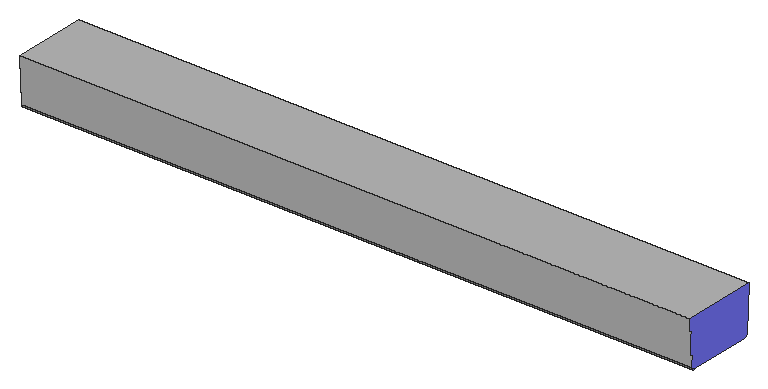
Revit family "4 inch PS Lintel -100W x 65H-mm", category Generic Models, Revit 2020
Family settings
  Can host rebar = No
  Round Connector Dimension = Use Diameter
  Part Type = Normal
  Work Plane-Based = No
  Always vertical = Yes
  Cut with Voids When Loaded = No
  Shared = No
  Room Calculation Point = No
Parameters
  Weight = "16Kg/m"
  Warranty Guarantor Parts = "n/a"
  Warranty Guarantor Labour = "n/a"
  Warranty Duration Unit = "n/a"
  Warranty Duration Parts = "n/a"
  Warranty Duration Labour = "n/a"
  Warranty Description = "n/a"
  URL = "www.killeshal.com"
  Types = "Single"
  Type Comments = "Visit our website for a full list of available products."
  Sustainability Performance = "n/a"
  Structural Class = "n/a"
  Span = "Lintel Length"
  Slope = "0.00°"
  Size = "100mm x 65mm"
  Shape = "Rectangular"
  Service Life = "0.000000"
  Serial Number = "n/a"
  Resistance to Fire = "Subject to nature of associated and or adjoining construction."
  Replacement Cost = "n/a"
  Reference = "n/a"
  Nominal Cover to Main Bar = "32.5mm"
  Model = "L/279 Concrete Lintel"
  Manufacturer = "Killeshal Precast Concrete Ltd."
  Load Bearing = yes
  Lintel Width [instance] = 100 mm
  Lintel Length [instance] = 914 mm
  Lintel Height [instance] = 65 mm
  Life Cycle Environmental Load = "n/a"
  Length Options = "Stock sizes 609mm, 762mm, 914mm, 1066mm, 1219mm, 1371mm, 1524mm, 1676mm, 1828mm, 1981mm, 2133mm, 2286mm, 2438mm, 2590mm, 2743mm 2895mm, 3048mm, 3200mm, 3352mm, 3505mm, 3657mm, 3809mm, 3962mm"
  Keynote = "The information contained is the sole property of KPC Ltd., any reproduction in part or whole without permission of KPC Ltd. is prohibited."
  Environmental Product Declaration = "n/a"
  Environmental Class = "n/a"
  Durability against Corrosion = "Ref: EN:845-2:2013 Annex C Table C.3. Class 2 B without rendering. Class 2 A when rendered."
  Dimension Accuracy Class = "I.S. EN 845-2:2013"
  Detailing = "As per design specification and product drawings."
  Description = "100W x 65H Pre-stressed Lintel"
  Default Elevation = 0 mm
  Dangerous Substances = "n/a"
  Contact Tel = "0035357 9353018"
  Contact Email = "sales@killeshal.com"
  Construction Type = "Precast"
  Construction Tolerance Class = "I.S. EN 845-2:2013"
  Concrete Class = "C30/37 as per EN: 206-1:2002"
  Compressive Strength of Concrete = "40N/mm²"
  Characteristics Deflection Under Load = "Not to exceed 1/200 across the length of each individual unit supplied."
  Bearing Required = "150mm each end for an ope up to 1500mm, 225mm each end for opes exceeding 1500mm"
Reference planes
  plane 1 "Center (Front/Back)": y = 0
  plane 2: z = 0
  plane 3 "Center (Left/Right)": x = 0
  plane 4 "Rear": y = 50
  plane 5 "Front": y = -50
  plane 6 "Top": z = 65
  plane 7 "Center L/T": y = 46.6
  plane 8 "Center L/U": y = -46.6
  plane 9 "Centreline": z = 32.5
Forms (mm)
  Extrusion 1, solid, material "Precast Concrete (KPC)"
    sketch origin (0, 0, 0) x (0, 1, 0) y (0, 0, 1)
      loop
        arc (42.809, 0) -> (45.563, 1.099) -> (46.804, 3.791) r 4
        line (46.804, 3.791) -> (50, 65) -> (-50, 65) -> (-46.804, 3.791)
        arc (-46.804, 3.791) -> (-45.563, 1.099) -> (-42.809, 0) r 4
        line (-42.809, 0) -> (42.809, 0)
    from 0 to 914
Dimensions and locks
  "Lintel Height": Extrusion 1 to Extrusion 1
  "Lintel Length": Extrusion 1 to Extrusion 1
  "Lintel Width": plane 4 "Rear" to plane 5 "Front"
  aligned and locked: level to plane 2
Automatic sketch dimensions
  Extrusion 1 sketch curve to plane 5 "Front" = 0 mm
  Extrusion 1 sketch curve to level = 0 mm
  Extrusion 1 sketch curve to plane 4 "Rear" = 0 mm
  Extrusion 1 sketch curve to plane 6 "Top" = 0 mm
  Extrusion 1 sketch curve to plane 8 "Center L/U" = 0.204 mm
  plane 8 "Center L/U" to Extrusion 1 sketch curve = 3.791 mm
  Extrusion 1 sketch curve to plane 7 "Center L/T" = 3.791 mm
  plane 7 "Center L/T" to Extrusion 1 sketch curve = 0.204 mm
  level to Extrusion 1 sketch curve = 3.791 mm  (x2)
